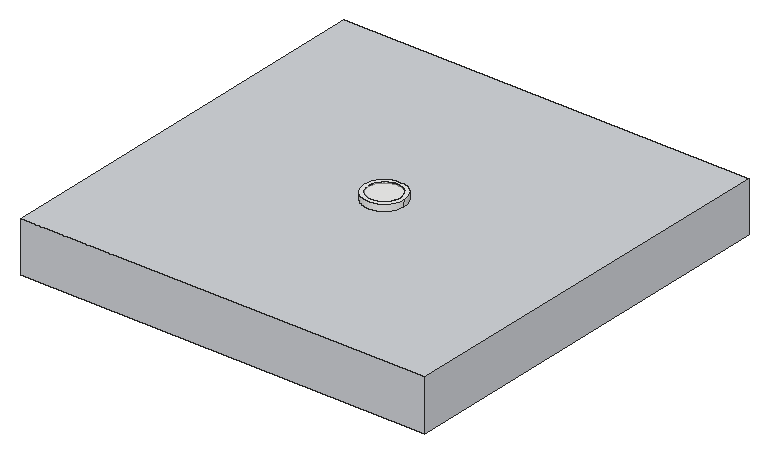
Revit family "PLAFOLED", category Luminaires, Revit 2021
Family settings
  Hôte = Face
  Cote de connecteur circulaire = Utiliser le diamètre
  Type d'élément = Normal
  Numéro OmniClass = 23.80.70.11.14.11
  Titre OmniClass = Downlights
  Couper avec des vides une fois chargée = Oui
  Source d'éclairage = Oui
  Partagée = Oui
  Point de calcul de pièce = Oui
Parameters (values of type "759203")
  Épaisseur diffuseur = 2 mm
  Épaisseur = 35 mm
  URL = "https://www.resistex-sa.com/fr/plafoled-rd-1422lm-bl-3000k-107.html"
  Tension = 230 V  # constant formula
  built-in parameter 1150107 = 3000 (stored number, unit not read)
  Wattage = 18.8 W
  built-in parameter 1150110 = 1 (stored number, unit not read)
  built-in parameter 1150109 = 1 (stored number, unit not read)
  built-in parameter 1114218 = 1 (stored number, unit not read)
  built-in parameter 1150113 = 1 (stored number, unit not read)
  built-in parameter 1150112 = 1 (stored number, unit not read)
  Nombre pôles = 1  # constant formula
  built-in parameter 1150137 = (empty or 0)
  built-in parameter 1150132 = (empty or 0)
  Modèle = "Plafoled"  # constant formula
  Matériau diffuseur = PC Transparent
  Matériau corps = PC Blanc
  built-in parameter 1150105 = 113.1 (stored number, unit not read)
  built-in parameter 1150102 = (empty or 0)
  Indice de charge = Eclairage
  Image du type = <Aucun>
  IP = "40"  # constant formula
  IK = "08"  # constant formula
  Gradation des changements de température de couleur de lampe = <Aucun>
  Garantie = "5 ans"  # constant formula
  Lumens = 1421.28 lm
  Color Filter = 16777215
  Fichier de distribution photométrique = "759203.ies"
  built-in parameter 1114217 = 1 (stored number, unit not read)
  built-in parameter 1150139 = (empty or 0)
  Fabricant = "Résistex"  # constant formula
  Emit from Circle Diameter = 609.6 mm
  Emit Shape Visible in Rendering = no
  Default Elevation = 0 mm
  built-in parameter 1150104 = 7.0235 (stored number, unit not read)
  built-in parameter 1150106 = 1.131 (stored number, unit not read)
  built-in parameter 1150115 = 1 (stored number, unit not read)
  built-in parameter 1150114 = 1 (stored number, unit not read)
  Diamètre collerette = 192.2 mm
  Diamètre = 240 mm
  Description = "Plafonnier équipé d'un module LED SMD, efficacité lumineuse de 75.6lm/W"
  Coût = 67.5
  built-in parameter 1150138 = (empty or 0)
  built-in parameter 1150134 = (empty or 0)
  Commentaires relatifs à la puissance = "18.8W"
  Apparent Load = 19.58 VA
  Tilt Angle = 60.00°
  built-in parameter 1150133 = 10 (stored number, unit not read)
Types (5, lengths in mm): name | URL | built-in parameter 1150107 | Wattage | built-in parameter 1150105 | Lumens | Fichier de distribution photométrique | built-in parameter 1150104 | built-in parameter 1150106 | Diamètre collerette | Diamètre | Description | Coût | built-in parameter 1150134 | Commentaires relatifs à la puissance | Apparent Load
  (no name) | "https://www.resistex-sa.com/fr/plafoled-rd-1422lm-bl-3000k-107.html" | 3000 (stored number, unit not read) | 18.8 W | 113.1 (stored number, unit not read) | 1421.28 lm | "759203.ies" | 7.0235 (stored number, unit not read) | 1.131 (stored number, unit not read) | 192.2 | 240 | "Plafonnier équipé d'un module LED SMD, efficacité lumineuse de 75.6lm/W" | 67.5 | (empty or 0) | "18.8W" | 19.58 VA
  759203 | "https://www.resistex-sa.com/fr/plafoled-rd-1422lm-bl-3000k-107.html" | 3000 (stored number, unit not read) | 18.8 W | 113.1 (stored number, unit not read) | 1421.28 lm | "759203.ies" | 7.0235 (stored number, unit not read) | 1.131 (stored number, unit not read) | 192.2 | 240 | "Plafonnier équipé d'un module LED SMD, efficacité lumineuse de 75.6lm/W" | 67.5 | (empty or 0) | "18.8W" | 19.58 VA
  759204 | "https://www.resistex-sa.com/fr/plafoled-rd-1519lm-bl-4000k-108.html" | 4000 (stored number, unit not read) | 18.8 W | 120.88 (stored number, unit not read) | 1519.04 lm | "759204.ies" | 7.5066 (stored number, unit not read) | 1.2088 (stored number, unit not read) | 192.2 | 240 | "Plafonnier équipé d'un module LED SMD, efficacité lumineuse de 80.8lm/W" | 67.5 | 12 | "18.8W" | 19.58 VA
  759363 | "https://www.resistex-sa.com/fr/plafoled-rd-2737lm-bl-3000k-110.html" | 3000 (stored number, unit not read) | 33.6 W | 217.91 (stored number, unit not read) | 2738.4 lm | "759363.ies" | 7.5716 (stored number, unit not read) | 2.1791 (stored number, unit not read) | 272.2 | 320 | "Plafonnier équipé d'un module LED SMD, efficacité lumineuse de 81.5lm/W" | 110 | (empty or 0) | "33.6W" | 34.29 VA
  759364 | "https://www.resistex-sa.com/fr/plafoled-rd-2878lm-bl-4000k-111.html" | 4000 (stored number, unit not read) | 33.6 W | 228.88 (stored number, unit not read) | 2876.16 lm | "759364.ies" | 7.9525 (stored number, unit not read) | 2.2888 (stored number, unit not read) | 272.2 | 320 | "Plafonnier équipé d'un module LED SMD, efficacité lumineuse de 85.6lm/W" | 110 | 12 | "33.6W" | 34.29 VA
Reference planes
  plane 1 "Centre (avant/arrière)": y = 0
  plane 2: z = 0
  plane 3 "Centre (gauche/droite)": x = 0
  plane 4 "Début diffuseur": z = 35
  plane 5 "Fond diffuseur": z = 33
Forms (mm)
  Extrusion 1, solid
    sketch origin (0, 0, 0) x (1, 0, 0) y (0, 1, 0)
      loop
        line (-1219.2, 1219.2) -> (-1219.2, -1219.2) -> (1219.2, -1219.2) -> (1219.2, 1219.2) -> (-1219.2, 1219.2)
    from 0 to -304.8
  Extrusion 2, solid, material "PC Blanc" <- "Matériau corps"
    sketch origin (0, 0, 0) x (1, 0, 0) y (0, 1, 0)
      loop
        circle (0, 0) r 120
    from 0 to 35 <- "Épaisseur"
  Extrusion 3, void
    sketch origin (0, 0, 33) x (-1, 0, 0) y (0, -1, 0)
      loop
        circle (0, 0) r 96.1
    from 0 to 2 <- "Épaisseur diffuseur"
  Extrusion 4, solid, material "PC Transparent" <- "Matériau diffuseur"
    sketch origin (0, 0, 33) x (-1, 0, 0) y (0, -1, 0)
      loop
        circle (0, 0) r 96.1
    from 0 to 2
Cuts and joins
  Extrusion 3 cuts Extrusion 2
Dimensions and locks
  "Épaisseur": plane 4 "Début diffuseur" to level
  "Épaisseur diffuseur": plane 4 "Début diffuseur" to plane 5 "Fond diffuseur"
  "Diamètre": diameter of Extrusion 2 sketch curve
  "Diamètre collerette": diameter of Extrusion 3 sketch curve
  "Diamètre collerette": diameter of Extrusion 4 sketch curve
  aligned and locked: plane 2 to Extrusion 1
  aligned and locked: level to Extrusion 1
  aligned and locked: plane 3 "Centre (gauche/droite)" to Extrusion 2 sketch curve
  aligned and locked: imposter light to Extrusion 2 sketch curve
  aligned and locked: imposter light to Extrusion 3 sketch curve  (x2)
  aligned and locked: imposter light to Extrusion 4 sketch curve  (x2)
Automatic sketch dimensions
  Extrusion 1 sketch curve to Extrusion 1 sketch curve = 2438.4 mm  (x2)
Connectors
  electrical at (0, 0, 0), driven by "Indice de charge", driven by "Tension", driven by "Apparent Load"
    settings: on cut or joined group of Extrusion 2, Extrusion 3, index 1, voltage 230 V, apparent load 0 VA, apparent load phase1 19.58 VA, apparent load phase2 0 VA, apparent load phase3 0 VA, power factor 1, load classification "Eclairage", number of poles 1, system type 31, power factor state 1, is connector primary yes, connector utility no, sub classification motor no, connector description ""
